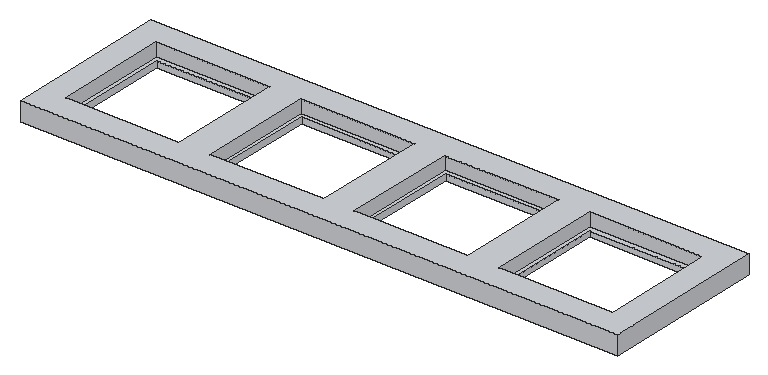
Revit family "Gira_021409", category Electrical Fixtures, host Face, Revit 2017
Family settings
  Host = Face
  Maintain Annotation Orientation = No
  Round Connector Dimension = Use Diameter
  Part Type = Normal
  Cut with Voids When Loaded = No
  Shared = No
  Room Calculation Point = No
Parameters (values of type "Abdeckrahmen 4f Gira E2 Schwarz m")
  Werkstoffgüte = "Thermoplast"
  Werkstoff = "Kunststoff"
  URL = "http://katalog.gira.de/de_DE/datenblatt.html?artikelnr=021409"
  Transparent = "No"
  Textfeld/Beschriftungsfläche = "No"
  Schutzart (IP) = "IP20"
  Region = "DE"
  Oberfläche = "sonstige"
  Name = "Abdeckrahmen 4f Gira E2 Schwarz m"
  Montagerichtung = "horizontal und vertikal"
  Mit Montagerahmen = "No"
  Mit Klappdeckel = "No"
  Manufacturer URL = "https://www.gira.de/"
  Keynote = "E2_Rahmen_4fach"
  HeinzeBIM = "https://bimportal.heinze.de/bim/abdeckrahmen-4f-gira-e2-schwarz-m/768ad4fe46efa51cc2077ca89b571052c2cdc0f8"
  Halogenfrei = "Yes"
  HAN = "021409"
  Geeignet für Unterputz-Installation = "Yes"
  Geeignet für Unterflurkanaldose = "No"
  Geeignet für Geräteeinbaukanal = "No"
  Geeignet für Einbauinstallation = "No"
  GTIN = "4010337036869"
  Farbe = "schwarz"
  Default Elevation = 1219.2 mm
  Data sheet (1) = "https://katalog.gira.de/de_DE/download.html?artikelnr=021409"
  Category = "Abdeckrahmen"
  Befestigungsart = "Klemmbefestigung"
  Available = "Yes"
  Ausführung der Oberfläche = "matt"
  Anzahl der Einheiten vertikal = "4 "
  Anzahl der Einheiten horizontal = "4 "
  Anzahl der Einheiten = "4 "
Reference planes
  plane 1 "Center (Front/Back)": y = 0
  plane 2: z = 0
  plane 3 "Center (Left/Right)": x = 0
Forms (mm)
  Extrusion 1, solid, detail levels fine
    sketch origin (0, 0, 0) x (1, 0, 0) y (0, 1, 0)
      loop
        line (147.35, 40.4) -> (-147.35, 40.4) -> (-147.35, -40.4) -> (147.35, -40.4) -> (147.35, 40.4)
      loop
        line (78.898, 28.052) -> (78.898, -28.052) -> (135.002, -28.052) -> (135.002, 28.052) -> (78.898, 28.052)
      loop
        line (7.598, 28.052) -> (7.598, -28.052) -> (63.702, -28.052) -> (63.702, 28.052) -> (7.598, 28.052)
      loop
        line (-63.702, 28.052) -> (-63.702, -28.052) -> (-7.598, -28.052) -> (-7.598, 28.052) -> (-63.702, 28.052)
      loop
        line (-135.002, 28.052) -> (-135.002, -28.052) -> (-78.898, -28.052) -> (-78.898, 28.052) -> (-135.002, 28.052)
    from 0 to 9.3
  Extrusion 2, solid, detail levels fine
    sketch origin (-106.85, 0, 0) x (1, 0, 0) y (0, 1, 0)
      loop
        line (-28.152, -28.152) -> (28.152, -28.152) -> (28.152, 28.152) -> (-28.152, 28.152) -> (-28.152, -28.152)
      loop
        line (25.9, -25.7) -> (25.9, 25.7) -> (-25.9, 25.7) -> (-25.9, -25.7) -> (25.9, -25.7)
    from 0 to 3
  Extrusion 3, solid, detail levels coarse+medium
    sketch origin (0, 0, 0) x (1, 0, 0) y (0, 1, 0)
      loop
        line (147.35, 40.4) -> (-147.35, 40.4) -> (-147.35, -40.4) -> (147.35, -40.4) -> (147.35, 40.4)
    from 0 to 9.3
  Extrusion 4, solid, detail levels fine
    sketch origin (-35.55, -0.047, 0) x (1, 0, 0) y (0, 1, 0)
      loop
        line (-28.152, -28.106) -> (28.152, -28.106) -> (28.152, 28.199) -> (-28.152, 28.199) -> (-28.152, -28.106)
      loop
        line (25.9, -25.653) -> (25.9, 25.747) -> (-25.9, 25.747) -> (-25.9, -25.653) -> (25.9, -25.653)
    from 0 to 3
  Extrusion 5, solid, detail levels fine
    sketch origin (106.85, -0.047, 0) x (1, 0, 0) y (0, 1, 0)
      loop
        line (-27.952, -28.006) -> (28.152, -28.006) -> (28.152, 28.099) -> (-27.952, 28.099) -> (-27.952, -28.006)
      loop
        line (26, -25.653) -> (26, 25.747) -> (-25.9, 25.747) -> (-25.9, -25.653) -> (26, -25.653)
    from 0 to 3
  Extrusion 6, solid, detail levels fine
    sketch origin (35.55, -0.047, 0) x (1, 0, 0) y (0, 1, 0)
      loop
        line (-27.952, -28.006) -> (28.152, -28.006) -> (28.152, 28.099) -> (-27.952, 28.099) -> (-27.952, -28.006)
      loop
        line (26, -25.653) -> (26, 25.747) -> (-25.9, 25.747) -> (-25.9, -25.653) -> (26, -25.653)
    from 0 to 3
Dimensions and locks
  aligned and locked: plane 2 to host face
  aligned and locked: level to host face
